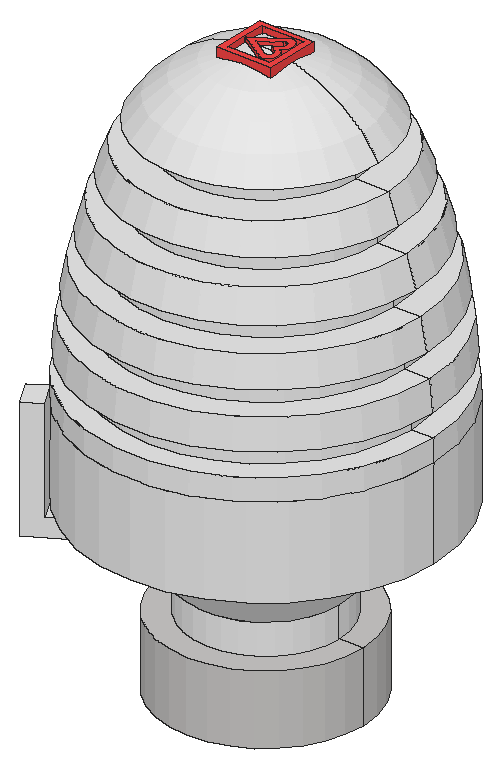
Revit family "Термостатическая головка HERZ-Design, с присоединительной резьбой М 28х1.5, 9260", category Rohrzubehör, Revit 2021
Family settings
  Bemaßung runder Anschluss = Durchmesser verwenden
  Teiletyp = Normal
  OmniClass-Nummer = 23.65.55.14
  OmniClass-Titel = Valves for Liquid Services
  Arbeitsebenenbasiert = Nein
  Immer vertikal = Nein
  Beim Laden mit Abzugskörper schneiden = Nein
  Gemeinsam genutzt = Nein
Parameters
  Принцип действия = "HERZ-термостатическая головка является датчиком прямого регулирования.\r\nИзменение объема жидкости в HERZ-гидросенсоре приводит в движение шток клапана."
  Область применения = "Для монтажа на всех HERZ-клапанах, предназначенных для термостатической работы."
  Номер заказа = 1926006  # constant formula
  Морозозащита = 6 °C  # constant formula
  Маховик = "Пластик, белый"  # constant formula
  Исполнение = "Термостатическая головка с жидкостным датчиком (гидросенсором) с позициями теплового запираниия \"0\" и морозозащиты, с ограничением и блокировкой диапазона регулирования. Цвет маховика - белый."
  Диапазон регулирования = "6-28°C"  # constant formula
  Vorgabe-Ansicht = 0.000 mm
  URL = "www.herz-armaturen.ru"
  S02 = 60.000 mm  # constant formula
  S01 = 90.000 mm  # constant formula
  Hersteller = "HERZ Armaturen Ges.m.b.H."  # constant formula
Reference planes
  plane 1 "Mitte (Vorne/hinten)": y = 0
  plane 2: z = 0
  plane 3 "Mitte (Links/rechts)": x = 0
Forms (mm)
  Revolve 1, solid, material "Kunststoff weiß", detail levels fine
    sketch origin (0, 0, 0) x (1, 0, 0) y (0, 0, 1)
      loop
        line (0, 0) -> (0, 90)
        arc (0, 90) -> (-10.767, 87.197) -> (-18.8, 79.5) r 22.08
        arc (-18.8, 79.5) -> (-25.672, 59.356) -> (-28, 38.2) r 97.301
        line (-28, 38.2) -> (-28, 23.2) -> (-23.25, 23.2) -> (-23.25, 20.5) -> (-20.4, 20.5) -> (-20.4, 19.7) -> (-12.2, 11.5) -> (-12.2, 4.8) -> (-13.2, 4.8) -> (-13.2, 0) -> (0, 0)
      axis (0, 90) -> (0, 0)
    angle from 0 to 360
  Extrusion 2, solid, material "Kunststoff weiß", detail levels fine
    sketch origin (0, 0, 0) x (0.866025, 0.5, 0) y (0, 0, 1)
      loop
        line (-28.5, 36.04) -> (-31.75, 36.04) -> (-31.75, 16.2) -> (-20.85, 16.2) -> (-20.85, 20.5) -> (-23.25, 20.5) -> (-23.25, 21.5) -> (-24.578, 19.2) -> (-28.5, 19.2) -> (-28.5, 36.04)
    from 2.5 to -2.5
  Extrusion 3, solid, material "Kunststoff weiß", detail levels fine
    sketch origin (0, 0, 0) x (0, 1, 0) y (0, 0, 1)
      loop
        arc (0.75, 19.2) -> (1.987, 19.713) -> (2.5, 20.95) r 1.75
        line (2.5, 20.95) -> (2.5, 32.2) -> (-2.5, 32.2) -> (-2.5, 20.95)
        arc (-2.5, 20.95) -> (-1.987, 19.713) -> (-0.75, 19.2) r 1.75
        line (-0.75, 19.2) -> (0.75, 19.2)
    from 0 to -31.5
  Revolve 4, solid, material "Messing verzinkt", detail levels fine
    sketch origin (0, 0, 0) x (1, 0, 0) y (0, 0, 1)
      loop
        line (0, 0) -> (0, 6.5) -> (-16.25, 6.5) -> (-16.25, -5) -> (-14, -5) -> (-14, 0) -> (0, 0)
      axis (0, 6.5) -> (0, -5)
    angle from 0 to 360
  Revolve 5, void
    sketch origin (0, 0, 0) x (1, 0, 0) y (0, 0, 1)
      loop
        arc (-18.8, 79.5) -> (-19.64, 77.659) -> (-20.442, 75.8) r 97.301
        line (-20.442, 75.8) -> (-14.951, 75.8) -> (-14.951, 79.5) -> (-18.8, 79.5)
      loop
        line (-27.933, 41.8) -> (-24.226, 41.8) -> (-24.226, 45.5) -> (-27.726, 45.5)
        arc (-27.726, 45.5) -> (-27.847, 43.651) -> (-27.933, 41.8) r 97.301
      loop
        arc (-22.197, 71.3) -> (-22.843, 69.456) -> (-23.452, 67.6) r 97.301
        line (-23.452, 67.6) -> (-18.697, 67.6) -> (-18.697, 71.3) -> (-22.197, 71.3)
      loop
        arc (-24.865, 62.7) -> (-25.326, 60.854) -> (-25.751, 59) r 97.301
        line (-25.751, 59) -> (-21.365, 59) -> (-21.365, 62.7) -> (-24.865, 62.7)
      loop
        arc (-26.692, 54.1) -> (-26.98, 52.253) -> (-27.232, 50.4) r 97.301
        line (-27.232, 50.4) -> (-23.192, 50.4) -> (-23.192, 54.1) -> (-26.692, 54.1)
      axis (0, 79.5) -> (0, 41.8)
    angle from 0 to 360
Cuts and joins
  Revolve 5 cuts Revolve 1
Lines and regions (mm)
  model lines, detail levels coarse+medium
    curve 1: line (0, 0, 0) -> (0, 0, 30)
    curve 2: line (0, 0.018, 0) -> (30, 0.018, 0)
    curve 3: circle (0, 0, 60) r 30 normal (0, -1, 0)
    curve 4: circle (0, 0, 60) r 30 normal (1, 0, 0)
    curve 5: line (0, 0, 40) -> (0, 0, 80)
    curve 6: line (0, 17.5, 80) -> (0, -17.5, 80)
    curve 7: line (0, 0, 40) -> (0, 0, 80)
    curve 8: line (-17.5, 0, 80) -> (17.5, 0, 80)
    curve 9: circle (60, 0.018, 0) r 30 normal (0, 0, 1)
    curve 10: line (40, 0.018, 0) -> (80, 0.018, 0)
    curve 11: line (80, -17.482, 0) -> (80, 17.518, 0)
Dimensions and locks
  nested 1 to plane 2 = 89.000 mm
  "S01": curve 4 to plane 2
  "S01": curve 3 to plane 2
  "S01": plane 3 "Mitte (Links/rechts)" to curve 9
  "S02": diameter of curve 3
  "S02": diameter of curve 4
  "S02": diameter of curve 9
  aligned and locked: level to plane 2
Automatic sketch dimensions
  Revolve 1 sketch curve to level = 0.000 mm
  Revolve 1 sketch curve to plane 3 "Mitte (Links/rechts)" = 0.000 mm  (x2)
  Revolve 1 sketch curve to plane 3 "Mitte (Links/rechts)" = 12.200 mm
  Revolve 1 sketch curve to Revolve 1 sketch curve = 1.000 mm
  Revolve 1 sketch curve to Revolve 1 sketch curve = 8.200 mm  (x2)
  Revolve 1 sketch curve to Revolve 1 sketch curve = 2.850 mm
  Revolve 1 sketch curve to Revolve 1 sketch curve = 4.750 mm
  plane 3 "Mitte (Links/rechts)" to Revolve 1 sketch curve = 69.301 mm
  level to Revolve 1 sketch curve = 4.800 mm
  Revolve 1 sketch curve to Revolve 1 sketch curve = 6.700 mm
  Revolve 1 sketch curve to Revolve 1 sketch curve = 0.800 mm
  Revolve 1 sketch curve to Revolve 1 sketch curve = 2.700 mm
  Revolve 1 sketch curve to Revolve 1 sketch curve = 15.000 mm
  Revolve 1 sketch curve to Revolve 1 sketch curve = 29.720 mm
  Revolve 1 sketch curve to Revolve 1 sketch curve = 22.080 mm
  Revolve 1 sketch curve to level = 366.045 mm
  Revolve 1 sketch curve to Revolve 1 sketch curve = 0.000 mm
  level to Extrusion 2 sketch curve = 36.040 mm
  Extrusion 2 sketch curve to Extrusion 2 sketch curve = 3.250 mm
  Extrusion 2 sketch curve to Extrusion 2 sketch curve = 3.922 mm
  level to Extrusion 2 sketch curve = 21.500 mm
  Extrusion 2 sketch curve to Extrusion 2 sketch curve = 1.328 mm
  Extrusion 2 sketch curve to Extrusion 2 sketch curve = 3.728 mm
  Extrusion 2 sketch curve to Extrusion 2 sketch curve = 1.000 mm
  Extrusion 2 sketch curve to Extrusion 2 sketch curve = 1.300 mm
  Extrusion 2 sketch curve to Extrusion 2 sketch curve = 3.000 mm
  plane 1 "Mitte (Vorne/hinten)" to Extrusion 3 sketch curve = 2.500 mm
  plane 1 "Mitte (Vorne/hinten)" to Extrusion 3 sketch curve = 0.750 mm
  Extrusion 3 sketch curve to plane 1 "Mitte (Vorne/hinten)" = 0.750 mm
  Extrusion 3 sketch curve to plane 1 "Mitte (Vorne/hinten)" = 2.500 mm
  level to Extrusion 3 sketch curve = 19.200 mm
  Extrusion 3 sketch curve to Extrusion 3 sketch curve = 11.250 mm
  Revolve 4 sketch curve to level = 0.000 mm
  Revolve 4 sketch curve to plane 3 "Mitte (Links/rechts)" = 0.000 mm  (x2)
  Revolve 4 sketch curve to level = 5.000 mm
  Revolve 4 sketch curve to plane 3 "Mitte (Links/rechts)" = 14.000 mm
  Revolve 4 sketch curve to Revolve 4 sketch curve = 2.250 mm
  level to Revolve 4 sketch curve = 6.500 mm
  Revolve 4 sketch curve to Revolve 4 sketch curve = 361.045 mm
  Revolve 4 sketch curve to Revolve 4 sketch curve = 2207.815 mm
  Revolve 5 sketch curve to Revolve 5 sketch curve = 0.000 mm  (x20)
  Revolve 5 sketch curve to plane 3 "Mitte (Links/rechts)" = 0.000 mm
  Revolve 5 sketch curve to plane 3 "Mitte (Links/rechts)" = 14.951 mm
  Revolve 5 sketch curve to Revolve 5 sketch curve = 3.746 mm
  Revolve 5 sketch curve to Revolve 5 sketch curve = 3.849 mm
  Revolve 5 sketch curve to Revolve 5 sketch curve = 1.642 mm
  Revolve 5 sketch curve to Revolve 5 sketch curve = 2.668 mm
  Revolve 5 sketch curve to Revolve 5 sketch curve = 3.500 mm  (x4)
  Revolve 5 sketch curve to Revolve 5 sketch curve = 1.827 mm
  Revolve 5 sketch curve to Revolve 5 sketch curve = 1.255 mm
  Revolve 5 sketch curve to Revolve 5 sketch curve = 1.034 mm
  Revolve 5 sketch curve to Revolve 5 sketch curve = 0.886 mm
  Revolve 5 sketch curve to Revolve 5 sketch curve = 0.540 mm
  Revolve 5 sketch curve to Revolve 5 sketch curve = 0.208 mm
  level to Revolve 5 sketch curve = 38.200 mm
  plane 3 "Mitte (Links/rechts)" to Revolve 5 sketch curve = 69.301 mm
  level to Revolve 5 sketch curve = 41.800 mm
  Revolve 5 sketch curve to Revolve 5 sketch curve = 4.900 mm  (x3)
  Revolve 5 sketch curve to Revolve 5 sketch curve = 4.500 mm
  Revolve 5 sketch curve to level = 366.045 mm
  Revolve 5 sketch curve to Revolve 5 sketch curve = 2134.815 mm
  curve 5 to plane 1 "Mitte (Vorne/hinten)" = 0.000 mm
  curve 4 to plane 1 "Mitte (Vorne/hinten)" = 0.000 mm
  plane 1 "Mitte (Vorne/hinten)" to curve 6 = 17.500 mm
  curve 5 to curve 6 = 17.500 mm
  curve 5 to curve 4 = 20.000 mm
  curve 4 to curve 6 = 20.000 mm
  curve 3 to plane 3 "Mitte (Links/rechts)" = 0.000 mm
  curve 7 to plane 3 "Mitte (Links/rechts)" = 0.000 mm
  curve 1 to plane 3 "Mitte (Links/rechts)" = 0.000 mm
  curve 1 to level = 0.000 mm
  curve 8 to curve 7 = 17.500 mm
  plane 3 "Mitte (Links/rechts)" to curve 8 = 17.500 mm
  curve 1 to curve 7 = 10.000 mm
  curve 3 to curve 8 = 20.000 mm
  curve 2 to plane 3 "Mitte (Links/rechts)" = 0.000 mm
  curve 9 to plane 1 "Mitte (Vorne/hinten)" = 0.018 mm
  curve 10 to plane 1 "Mitte (Vorne/hinten)" = 0.018 mm
  curve 2 to curve 10 = 10.000 mm
  curve 9 to curve 11 = 20.000 mm
  plane 1 "Mitte (Vorne/hinten)" to curve 11 = 17.482 mm
  curve 2 to plane 1 "Mitte (Vorne/hinten)" = 0.018 mm
  curve 10 to curve 11 = 17.500 mm
Nested families
  nested 1: "Herz-Logo" at (0, 0, 89) x (0, -1, 0) z (0, 0, 1), type "Herz-Logo"
Definition of nested family "Herz-Logo"
  Parameters (values of type "Herz-Logo")
    Default Elevation = 0.000 mm
  Reference planes
    plane 1 "Mitte (Vorne/hinten)": y = 0
    plane 2: z = 0
    plane 3 "Mitte (Links/rechts)": x = 0
  Forms (mm)
    Extrusion 1, solid
      sketch origin (0, 0, 0) x (1, 0, 0) y (0, 1, 0)
        loop
          line (-0.018, -4.517) -> (4.482, -4.517) -> (4.482, 4.483) -> (-4.518, 4.483) -> (-4.518, -4.517) -> (-0.018, -4.517)
        loop
          line (-0.05, -3.48) -> (3.482, -3.48) -> (3.482, 3.483) -> (-3.518, 3.483) -> (-3.518, -3.48) -> (-0.05, -3.48)
        loop
          arc (-0.018, 2.383) -> (-1.543, 3.287) -> (-3.067, 2.383) r 1.738
          arc (-3.067, 2.383) -> (-3.191, 1.899) -> (-3.067, 1.415) r 1.009
          line (-3.067, 1.415) -> (-0.018, -3.281) -> (3.032, 1.415)
          arc (3.032, 1.415) -> (3.156, 1.899) -> (3.032, 2.383) r 1.009
          arc (3.032, 2.383) -> (1.507, 3.287) -> (-0.018, 2.383) r 1.738
        loop
          arc (1.885, 1.272) -> (2.005, 1.675) -> (1.885, 2.079) r 0.74
          arc (1.885, 2.079) -> (1.265, 2.416) -> (0.644, 2.079) r 0.74
          line (0.644, 2.079) -> (-0.018, 0.97) -> (-0.679, 2.079)
          arc (-0.679, 2.079) -> (-1.3, 2.416) -> (-1.921, 2.079) r 0.74
          arc (-1.921, 2.079) -> (-2.04, 1.675) -> (-1.921, 1.272) r 0.74
          line (-1.921, 1.272) -> (-0.018, -1.658) -> (1.885, 1.272)
      from 0 to 1.5
  Dimensions and locks
    aligned and locked: level to plane 2
